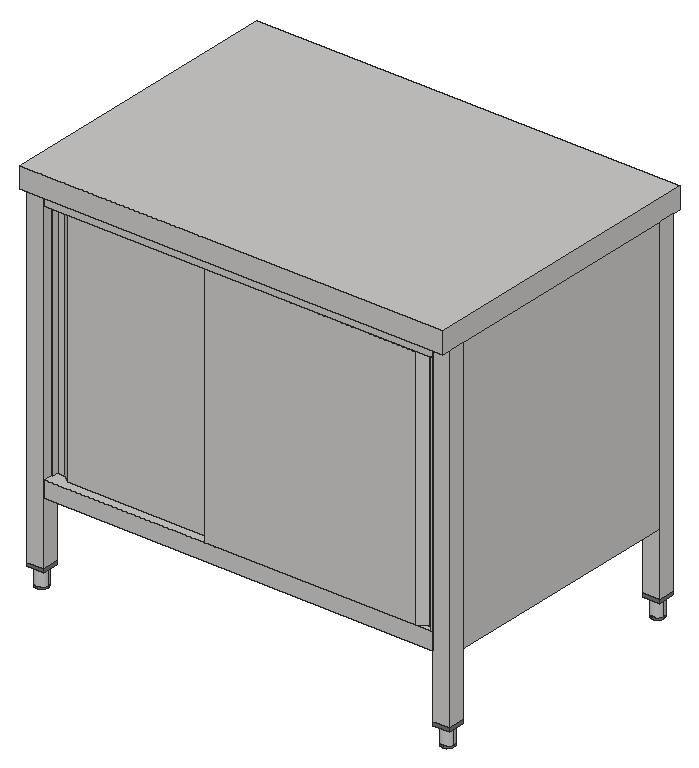
Revit family "QF_ELECTROLUXPROFESSIONAL_134039_GTND1000E", category Attrezzature speciali, Revit 2020
Family settings
  Quota connettore circolare = Usa diametro
  Tipo di parte = Normale
  Basato su piano di lavoro = No
  Sempre verticale = Sì
  Taglio con vuoti quando caricato = No
  Condiviso = No
  Punto di calcolo locali = No
Parameters (values of type "Standard")
  Weight = 61.00 kg
  Watts = 0 W
  Volts = 0 V
  URL Manufacturer = "https://www.electroluxprofessional.com/"
  URL = "https://www.electroluxprofessional.com/"
  Steam Supply Size = 0 mm
  Steam Supply Minimum Pressure = 0.0 Pa
  Steam Supply Maximum Pressure = 0.0 Pa
  Steam Consumption per Hour = 0
  Refrigeration Suction Line Size = 0.0 mm
  Refrigeration Liquid Line Size = 0.0 mm
  Refrigerant Compressor Remote = yes
  Prospetto di default = 0.0 mm
  Phase = 0
  Modello = "GTND1000E"
  Produttore = "Electrolux Professional"
  Length Actual = 1000.0 mm  # constant formula
  Item Number = "134039"
  Hot Water Size = 0 mm
  Height Actual = 900.0 mm  # constant formula
  HP = "0 HP"
  Gas Size = 0 mm
  Gas KW = 0
  Gas Input Pressure = 0 W
  Direct Waste Size = 0 mm
  Descrizione = "PASSTHRU WORKTOP CUPBOARD 1000 MM"
  Depth Actual = 700.0 mm  # constant formula
  Cycle = 0 Hz
  Condensate Return Size = 0 mm
  Compressed Air Volume = 0.0 L/s
  Compressed Air Size = 0 mm
  Compressed Air Pressure = 0.0 Pa
  Cold Water Size = 0 mm
  Accessory = yes
Reference planes
  plane 1 "Center (Front/Back)": y = 0
  plane 2: z = 0
  plane 3 "Center (Left/Right)": x = 0
  plane 4 "LEFT": x = -500
  plane 5 "RIGHT": x = 500
  plane 6 "BACK": y = 350
  plane 7 "FRONT": y = -350
  plane 8 "Base": z = 850
  plane 9 "TOP": z = 900
  plane 10: x = -480
  plane 11: x = 480
  plane 12: y = 310
  plane 13: y = -310
  plane 14 "BodyLeft": x = -500
  plane 15 "BodyFront": y = -330
  plane 16 "BodyRight": x = 500
  plane 17 "BodyBack": y = 330
  plane 18 "FEET": z = 200
  plane 19: x = 80
  plane 20: x = -80
Forms (mm)
  Extrusion 1, solid, material "QF_Finishes_Stainless Steel"
    sketch origin (0, 0, 0) x (0, 1, 0) y (0, 0, 1)
      loop
        line (-350, 850) -> (350, 850) -> (350, 900) -> (-350, 900) -> (-350, 850)
    from 500 to -500
  Extrusion 2, solid, material "QF_Finishes_Stainless Steel"
    sketch origin (0, 0, 200) x (-1, 0, 0) y (0, -1, 0)
      loop
        line (500, -290) -> (500, 290) -> (460, 290) -> (460, -290) -> (500, -290)
      loop
        line (-460, -290) -> (-460, 290) -> (-500, 290) -> (-500, -290) -> (-460, -290)
    from 0 to 650
  Extrusion 3, solid, material "QF_Finishes_Stainless Steel"
    sketch origin (0, 0, 200) x (-1, 0, 0) y (0, -1, 0)
      loop
        line (460, -330) -> (460, 330) -> (-460, 330) -> (-460, -330) -> (460, -330)
    from 0 to 40
  Extrusion 4, solid, material "QF_Finishes_Stainless Steel"
    sketch origin (0, 0, 200) x (-1, 0, 0) y (0, -1, 0)
      loop
        line (-460, 330) -> (-460, 310) -> (80, 310) -> (80, 330) -> (-420, 330) -> (-440, 315) -> (-455, 315) -> (-455, 330) -> (-460, 330)
    from 40 to 620
  Extrusion 5, solid, material "QF_Finishes_Stainless Steel"
    sketch origin (0, 20, 200) x (1, 0, 0) y (0, 1, 0)
      loop
        line (-460, -330) -> (-455, -330) -> (-455, -315) -> (-440, -315) -> (-420, -330) -> (80, -330) -> (80, -310) -> (-460, -310) -> (-460, -330)
    from 40 to 620
  Extrusion 6, solid, material "QF_Finishes_Stainless Steel"
    sketch origin (0, 0, 200) x (-1, 0, 0) y (0, -1, 0)
      loop
        line (460, 290) -> (-460, 290) -> (-460, -290) -> (460, -290) -> (460, 290)
    from 350 to 390
  Extrusion 7, solid, material "QF_Finishes_Stainless Steel"
    sketch origin (0, 0, 200) x (-1, 0, 0) y (0, -1, 0)
      loop
        line (-460, -330) -> (-455, -330) -> (-455, -315) -> (-440, -315) -> (-420, -330) -> (80, -330) -> (80, -310) -> (-460, -310) -> (-460, -330)
    from 40 to 620
  Extrusion 8, solid, material "QF_Finishes_Stainless Steel"
    sketch origin (0, -20, 200) x (1, 0, 0) y (0, 1, 0)
      loop
        line (-460, 330) -> (-460, 310) -> (80, 310) -> (80, 330) -> (-420, 330) -> (-440, 315) -> (-455, 315) -> (-455, 330) -> (-460, 330)
    from 40 to 620
  Extrusion 9, solid, material "QF_Finishes_Stainless Steel"
    sketch origin (0, 0, 200) x (-1, 0, 0) y (0, -1, 0)
      loop
        line (460, -330) -> (460, 330) -> (-460, 330) -> (-460, -330) -> (460, -330)
    from 620 to 650
Lines and regions (mm)
  symbolic lines
    curve 1: line (500, 350, 900) -> (-500, 350, 900)
    curve 2: line (-500, 350, 900) -> (-500, -350, 900)
    curve 3: line (-500, -350, 900) -> (500, -350, 900)
    curve 4: line (500, -350, 900) -> (500, 350, 900)
  symbolic lines, style "SpecialityEquipmentHiddenLines"
    curve 5: line (-500, 330, 200) -> (500, 330, 200)
    curve 6: line (-500, -330, 200) -> (-500, 330, 200)
    curve 7: line (500, -330, 200) -> (-500, -330, 200)
    curve 8: line (500, 330, 200) -> (500, -330, 200)
    curve 9: line (-460, -290, 200) -> (80, -290, 200)
    curve 10: line (80, -290, 200) -> (80, -310, 200)
    curve 11: line (-460, -310, 200) -> (460, -310, 200)
    curve 12: line (460, -310, 200) -> (460, -330, 200)
    curve 13: line (-80, -310, 200) -> (-80, -330, 200)
    curve 14: line (-460, -290, 200) -> (-460, -310, 200)
    curve 15: line (80, 290, 200) -> (80, 310, 200)
    curve 16: line (-80, 330, 200) -> (-80, 310, 200)
    curve 17: line (460, 310, 200) -> (-460, 310, 200)
    curve 18: line (80, 290, 200) -> (-460, 290, 200)
    curve 19: line (-460, 290, 200) -> (-460, 310, 200)
    curve 20: line (460, 310, 200) -> (460, 330, 200)
Dimensions and locks
  plane 4 "LEFT" to plane 5 "RIGHT" = 1000.0 mm
  equal spacing: plane 4 "LEFT", plane 3 "Center (Left/Right)", plane 5 "RIGHT"
  locked: plane 8 "Base" to level at 850
  plane 9 "TOP" to level = 900.0 mm
  plane 6 "BACK" to plane 7 "FRONT" = 700.0 mm
  equal spacing: plane 6 "BACK", plane 1 "Center (Front/Back)", plane 7 "FRONT"
  locked: plane 4 "LEFT" to plane 14 "BodyLeft"
  locked: plane 16 "BodyRight" to plane 5 "RIGHT"
  locked: plane 15 "BodyFront" to plane 7 "FRONT" at 20
  locked: plane 6 "BACK" to plane 17 "BodyBack" at 20
  locked: plane 14 "BodyLeft" to plane 10 at 20
  locked: plane 11 to plane 16 "BodyRight" at 20
  locked: plane 13 to plane 15 "BodyFront" at 20
  locked: plane 17 "BodyBack" to plane 12 at 20
  plane 10 to plane 11 = 960.0 mm
  plane 12 to plane 13 = 620.0 mm
  locked: plane 14 "BodyLeft" to Extrusion 2 sketch curve at 40
  Extrusion 2 sketch curve to Extrusion 2 sketch curve = 40.0 mm
  locked: plane 3 "Center (Left/Right)" to plane 19 at 80
  locked: plane 20 to plane 3 "Center (Left/Right)" at 80
  locked: plane 18 "FEET" to plane 2 at 200
  Extrusion 9 to Extrusion 3 to plane 18 "FEET" = 580.0 mm, 40.0 mm
  aligned and locked: level to plane 2
  aligned and locked: plane 10 to nested 1
  aligned and locked: nested 1 to plane 13
  aligned and locked: plane 11 to nested 2
  aligned and locked: nested 2 to plane 13
  aligned and locked: plane 11 to nested 4
  aligned and locked: nested 4 to plane 12
  aligned and locked: plane 10 to nested 3
  aligned and locked: nested 3 to plane 12
  aligned and locked: Extrusion 1 to plane 4 "LEFT"
  aligned and locked: plane 5 "RIGHT" to Extrusion 1
  aligned and locked: curve 2 to plane 4 "LEFT"
  aligned and locked: Extrusion 2 sketch curve to plane 14 "BodyLeft"
  aligned and locked: plane 16 "BodyRight" to Extrusion 2 sketch curve
  aligned and locked: plane 8 "Base" to Extrusion 2
  aligned and locked: Extrusion 4 to Extrusion 3
  aligned and locked: Extrusion 5 sketch curve to plane 19
  aligned and locked: Extrusion 4 sketch curve to plane 20
  aligned and locked: Extrusion 1 to plane 8 "Base"
  aligned and locked: plane 9 "TOP" to Extrusion 1
  aligned and locked: curve 5 to plane 17 "BodyBack"
  aligned and locked: plane 14 "BodyLeft" to curve 6
  aligned and locked: plane 15 "BodyFront" to curve 7
  aligned and locked: plane 16 "BodyRight" to curve 8
  aligned and locked: Extrusion 3 sketch curve to Extrusion 2  (x2)
  aligned and locked: curve 7 to Extrusion 3 sketch curve
Automatic sketch dimensions
  curve 3 to plane 5 "RIGHT" = 0.0 mm
  curve 3 to plane 7 "FRONT" = 0.0 mm
  curve 2 to plane 6 "BACK" = 0.0 mm
  Extrusion 1 sketch curve to plane 7 "FRONT" = 0.0 mm
  Extrusion 1 sketch curve to plane 6 "BACK" = 0.0 mm
  Extrusion 1 sketch curve to plane 8 "Base" = 0.0 mm
  Extrusion 1 sketch curve to plane 9 "TOP" = 0.0 mm
  Extrusion 2 sketch curve to plane 12 = 20.0 mm  (x2)
  plane 13 to Extrusion 2 sketch curve = 20.0 mm  (x2)
  Extrusion 3 sketch curve to plane 17 "BodyBack" = 0.0 mm
  Extrusion 4 sketch curve to plane 15 "BodyFront" = 0.0 mm  (x2)
  Extrusion 4 sketch curve to plane 13 = 0.0 mm
  Extrusion 4 sketch curve to plane 11 = 60.0 mm
  Extrusion 4 sketch curve to plane 13 = 5.0 mm
  Extrusion 4 sketch curve to Extrusion 4 sketch curve = 20.0 mm
  Extrusion 4 sketch curve to Extrusion 4 sketch curve = 15.0 mm
  Extrusion 4 sketch curve to Extrusion 4 sketch curve = 5.0 mm
  Extrusion 5 sketch curve to plane 13 = 0.0 mm  (x2)
  Extrusion 5 sketch curve to plane 10 = 60.0 mm
  Extrusion 5 sketch curve to plane 13 = 15.0 mm
  Extrusion 5 sketch curve to Extrusion 5 sketch curve = 20.0 mm  (x2)
  Extrusion 5 sketch curve to Extrusion 5 sketch curve = 15.0 mm
  Extrusion 5 sketch curve to Extrusion 5 sketch curve = 5.0 mm
  curve 17 to plane 12 = 0.0 mm
  curve 11 to plane 13 = 0.0 mm
  curve 10 to plane 19 = 0.0 mm
  curve 15 to plane 19 = 0.0 mm
  curve 13 to plane 20 = 0.0 mm
  curve 16 to plane 20 = 0.0 mm
  curve 17 to plane 11 = 20.0 mm
  curve 11 to plane 11 = 20.0 mm
  plane 10 to curve 14 = 20.0 mm
  plane 10 to curve 19 = 20.0 mm
  curve 17 to curve 18 = 20.0 mm
  plane 13 to curve 9 = 20.0 mm
  Extrusion 6 sketch curve to plane 11 = 20.0 mm
  plane 10 to Extrusion 6 sketch curve = 20.0 mm
  Extrusion 6 sketch curve to plane 12 = 20.0 mm
  plane 13 to Extrusion 6 sketch curve = 20.0 mm
  Extrusion 7 sketch curve to plane 17 "BodyBack" = 0.0 mm  (x2)
  Extrusion 7 sketch curve to plane 12 = 0.0 mm
  Extrusion 7 sketch curve to plane 20 = 0.0 mm
  plane 11 to Extrusion 7 sketch curve = 60.0 mm
  Extrusion 7 sketch curve to plane 12 = 5.0 mm
  Extrusion 7 sketch curve to Extrusion 7 sketch curve = 20.0 mm
  Extrusion 7 sketch curve to Extrusion 7 sketch curve = 15.0 mm
  Extrusion 7 sketch curve to Extrusion 7 sketch curve = 5.0 mm
  Extrusion 8 sketch curve to plane 12 = 0.0 mm  (x2)
  Extrusion 8 sketch curve to plane 19 = 0.0 mm
  plane 10 to Extrusion 8 sketch curve = 60.0 mm
  Extrusion 8 sketch curve to plane 12 = 15.0 mm
  Extrusion 8 sketch curve to Extrusion 8 sketch curve = 20.0 mm  (x2)
  Extrusion 8 sketch curve to Extrusion 8 sketch curve = 15.0 mm
  Extrusion 8 sketch curve to Extrusion 8 sketch curve = 5.0 mm
  Extrusion 9 sketch curve to plane 17 "BodyBack" = 0.0 mm
  Extrusion 9 sketch curve to plane 15 "BodyFront" = 0.0 mm
  Extrusion 9 sketch curve to plane 11 = 20.0 mm
  plane 10 to Extrusion 9 sketch curve = 20.0 mm
Nested families
  nested 1: "FEET_40x40_APP50" at (-480, -310, 0), type "FEET_40x40_APP50"
  nested 2: "FEET_40x40_APP50" at (480, -310, 0), type "FEET_40x40_APP50"
  nested 3: "FEET_40x40_APP50" at (-480, 310, 0), type "FEET_40x40_APP50"
  nested 4: "FEET_40x40_APP50" at (480, 310, 0), type "FEET_40x40_APP50"
Definition of nested family "FEET_40x40_APP50"
  Parameters
    Default Elevation = 0.0 mm
    FEET = 850.0 mm
  Reference planes
    plane 1 "Center (Front/Back)": y = 0
    plane 2: z = 0
    plane 3 "Center (Left/Right)": x = 0
    plane 4: z = 850
  Forms (mm)
    Extrusion 1, solid
      sketch origin (0, 0, 0) x (1, 0, 0) y (0, 1, 0)
        loop
          line (-20, -20) -> (20, -20) -> (20, 20) -> (-20, 20) -> (-20, -20)
      from 50 to 850
    Extrusion 2, solid
      sketch origin (0, 0, 0) x (1, 0, 0) y (0, 1, 0)
        loop
          circle (0, 0) r 15
      from 0 to 5
    Extrusion 3, solid
      sketch origin (0, 0, 0) x (1, 0, 0) y (0, 1, 0)
        loop
          line (-20, -20) -> (20, -20) -> (20, 20) -> (-20, 20) -> (-20, -20)
      from 50 to 42
    Extrusion 4, solid
      sketch origin (0, 0, 0) x (1, 0, 0) y (0, 1, 0)
        loop
          circle (0, 0) r 15
      from 5 to 42
  Lines and regions (mm)
    symbolic lines
      curve 1: line (0, -1.503, 0) -> (0, 1.508, 0)
      curve 2: line (1.561, 0, 0) -> (-1.439, 0, 0)
  Dimensions and locks
    "FEET": plane 4 to plane 2
    aligned and locked: level to plane 2
  Automatic sketch dimensions
    plane 1 "Center (Front/Back)" to curve 2 = 0.0 mm
    curve 1 to plane 3 "Center (Left/Right)" = 0.0 mm
    curve 2 to plane 3 "Center (Left/Right)" = 1.439 mm
    plane 3 "Center (Left/Right)" to curve 2 = 1.561 mm
    plane 1 "Center (Front/Back)" to curve 1 = 1.503 mm
    curve 1 to plane 1 "Center (Front/Back)" = 1.508 mm
    Extrusion 1 sketch curve to plane 3 "Center (Left/Right)" = 20.0 mm
    plane 3 "Center (Left/Right)" to Extrusion 1 sketch curve = 20.0 mm
    plane 1 "Center (Front/Back)" to Extrusion 1 sketch curve = 20.0 mm
    Extrusion 1 sketch curve to plane 1 "Center (Front/Back)" = 20.0 mm
    plane 1 "Center (Front/Back)" to Extrusion 2 sketch curve = 0.0 mm
    Extrusion 2 sketch curve to plane 3 "Center (Left/Right)" = 0.0 mm
    Extrusion 3 sketch curve to plane 3 "Center (Left/Right)" = 20.0 mm
    plane 3 "Center (Left/Right)" to Extrusion 3 sketch curve = 20.0 mm
    plane 1 "Center (Front/Back)" to Extrusion 3 sketch curve = 20.0 mm
    Extrusion 3 sketch curve to plane 1 "Center (Front/Back)" = 20.0 mm
    plane 1 "Center (Front/Back)" to Extrusion 4 sketch curve = 0.0 mm
    Extrusion 4 sketch curve to plane 3 "Center (Left/Right)" = 0.0 mm
    radius of Extrusion 2 sketch curve = 15.0 mm
    radius of Extrusion 4 sketch curve = 15.0 mm
